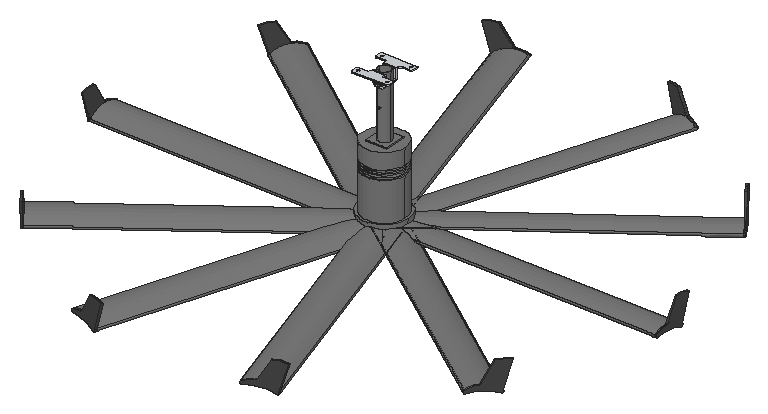
Revit family
Reference planes (in)
  plane 1 "Center (Front/Back)": y = 53
  plane 2: z = 0
  plane 3 "Center (Left/Right)": x = 54
Forms (in)
  Extrusion 1, solid, material "Metal - Chrome 2"
    sketch origin (54.03752, 52.94363, -78.64938) x (1, 0, 0) y (0, 1, 0)
      loop
        circle (0, 0) r 5
    from 50.92047 to 51.1388
  Extrusion 2, solid, material "Metal - Chrome 2"
    sketch origin (49.90986, 20.41483, -76.17615) x (-0.007506, -0.999972, 0) y (0, 0, 1)
      loop
        arc (-29.27109, 49.75227) -> (-29.04889, 49.89467) -> (-29.10156, 50.15328) r 0.23339
        arc (-29.10156, 50.15328) -> (-31.98284, 51.54192) -> (-35.12337, 50.93595) r 5.08611
        arc (-35.12337, 50.93595) -> (-35.22188, 50.63788) -> (-34.93368, 50.51341) r 0.23249
        arc (-34.93368, 50.51341) -> (-32.0514, 50.51215) -> (-29.27109, 49.75227) r 10.85332
    from -1.94118 to 49.86174
  Extrusion 3, solid, material "Metal - Chrome 3"
    sketch origin (50.3942, 53.11599, -76.17615) x (0, -1, 0) y (0, 0, 1)
      loop
        arc (-0.3092, 51.58434) -> (-1.59328, 51.41957) -> (-2.79418, 50.93595) r 5.08611
        arc (-2.79418, 50.93595) -> (-2.89269, 50.63788) -> (-2.60449, 50.51341) r 0.23249
        arc (-2.60449, 50.51341) -> (0.27779, 50.51215) -> (3.0581, 49.75227) r 10.85332
        arc (3.0581, 49.75227) -> (3.26634, 49.89548) -> (3.23488, 50.14624) r 0.24312
        line (3.23488, 50.14624) -> (4.75991, 55.21166) -> (3.38248, 55.49486) -> (2.02825, 55.47451) -> (-0.3092, 51.58434)
    from 50.05388 to 50.3942
  Extrusion 4, solid, material "Metal - Chrome 2"
    sketch origin (31.6119, 29.01297, -76.17615) x (-0.592633, -0.805473, 0) y (0, 0, 1)
      loop
        arc (-29.27109, 49.75227) -> (-29.04889, 49.89467) -> (-29.10156, 50.15328) r 0.23339
        arc (-29.10156, 50.15328) -> (-31.98284, 51.54192) -> (-35.12337, 50.93595) r 5.08611
        arc (-35.12337, 50.93595) -> (-35.22188, 50.63788) -> (-34.93368, 50.51341) r 0.23249
        arc (-34.93368, 50.51341) -> (-32.0514, 50.51215) -> (-29.27109, 49.75227) r 10.85332
    from -1.94118 to 49.86174
  Extrusion 5, solid, material "Metal - Chrome 3"
    sketch origin (51.1857, 55.21349, -76.17615) x (-0.58657, -0.809898, 0) y (0, 0, 1)
      loop
        arc (-0.3092, 51.58434) -> (-1.59328, 51.41957) -> (-2.79418, 50.93595) r 5.08611
        arc (-2.79418, 50.93595) -> (-2.89269, 50.63788) -> (-2.60449, 50.51341) r 0.23249
        arc (-2.60449, 50.51341) -> (0.27779, 50.51215) -> (3.0581, 49.75227) r 10.85332
        arc (3.0581, 49.75227) -> (3.26634, 49.89548) -> (3.23488, 50.14624) r 0.24312
        line (3.23488, 50.14624) -> (4.75991, 55.21166) -> (3.38248, 55.49486) -> (2.02825, 55.47451) -> (-0.3092, 51.58434)
    from 50.05388 to 50.3942
  Extrusion 6, solid, material "Metal - Chrome 2"
    sketch origin (21.83584, 46.70962, -76.17615) x (-0.952439, -0.304731, 0) y (0, 0, 1)
      loop
        arc (-29.27109, 49.75227) -> (-29.04889, 49.89467) -> (-29.10156, 50.15328) r 0.23339
        arc (-29.10156, 50.15328) -> (-31.98284, 51.54192) -> (-35.12337, 50.93595) r 5.08611
        arc (-35.12337, 50.93595) -> (-35.22188, 50.63788) -> (-34.93368, 50.51341) r 0.23249
        arc (-34.93368, 50.51341) -> (-32.0514, 50.51215) -> (-29.27109, 49.75227) r 10.85332
    from -1.94118 to 49.86174
  Extrusion 7, solid, material "Metal - Chrome 3"
    sketch origin (53.05706, 56.44798, -76.17615) x (-0.950124, -0.311871, 0) y (0, 0, 1)
      loop
        arc (-0.3092, 51.58434) -> (-1.59328, 51.41957) -> (-2.79418, 50.93595) r 5.08611
        arc (-2.79418, 50.93595) -> (-2.89269, 50.63788) -> (-2.60449, 50.51341) r 0.23249
        arc (-2.60449, 50.51341) -> (0.27779, 50.51215) -> (3.0581, 49.75227) r 10.85332
        arc (3.0581, 49.75227) -> (3.26634, 49.89548) -> (3.23488, 50.14624) r 0.24312
        line (3.23488, 50.14624) -> (4.75991, 55.21166) -> (3.38248, 55.49486) -> (2.02825, 55.47451) -> (-0.3092, 51.58434)
    from 50.05388 to 50.3942
  Extrusion 8, solid, material "Metal - Chrome 2"
    sketch origin (24.29854, 66.77646, -76.17615) x (-0.950124, 0.311871, 0) y (0, 0, 1)
      loop
        arc (-29.27109, 49.75227) -> (-29.04889, 49.89467) -> (-29.10156, 50.15328) r 0.23339
        arc (-29.10156, 50.15328) -> (-31.98284, 51.54192) -> (-35.12337, 50.93595) r 5.08611
        arc (-35.12337, 50.93595) -> (-35.22188, 50.63788) -> (-34.93368, 50.51341) r 0.23249
        arc (-34.93368, 50.51341) -> (-32.0514, 50.51215) -> (-29.27109, 49.75227) r 10.85332
    from -1.94118 to 49.86174
  Extrusion 9, solid, material "Metal - Chrome 3"
    sketch origin (55.29679, 56.3501, -76.17615) x (-0.952439, 0.304731, 0) y (0, 0, 1)
      loop
        arc (-0.3092, 51.58434) -> (-1.59328, 51.41957) -> (-2.79418, 50.93595) r 5.08611
        arc (-2.79418, 50.93595) -> (-2.89269, 50.63788) -> (-2.60449, 50.51341) r 0.23249
        arc (-2.60449, 50.51341) -> (0.27779, 50.51215) -> (3.0581, 49.75227) r 10.85332
        arc (3.0581, 49.75227) -> (3.26634, 49.89548) -> (3.23488, 50.14624) r 0.24312
        line (3.23488, 50.14624) -> (4.75991, 55.21166) -> (3.38248, 55.49486) -> (2.02825, 55.47451) -> (-0.3092, 51.58434)
    from 50.05388 to 50.3942
  Extrusion 10, solid, material "Metal - Chrome 2"
    sketch origin (38.06369, 81.58402, -76.17615) x (-0.58657, 0.809898, 0) y (0, 0, 1)
      loop
        arc (-29.27109, 49.75227) -> (-29.04889, 49.89467) -> (-29.10156, 50.15328) r 0.23339
        arc (-29.10156, 50.15328) -> (-31.98284, 51.54192) -> (-35.12337, 50.93595) r 5.08611
        arc (-35.12337, 50.93595) -> (-35.22188, 50.63788) -> (-34.93368, 50.51341) r 0.23249
        arc (-34.93368, 50.51341) -> (-32.0514, 50.51215) -> (-29.27109, 49.75227) r 10.85332
    from -1.94118 to 49.86174
  Extrusion 11, solid, material "Metal - Chrome 3"
    sketch origin (57.05333, 54.95708, -76.17615) x (-0.592633, 0.805473, 0) y (0, 0, 1)
      loop
        arc (-0.3092, 51.58434) -> (-1.59328, 51.41957) -> (-2.79418, 50.93595) r 5.08611
        arc (-2.79418, 50.93595) -> (-2.89269, 50.63788) -> (-2.60449, 50.51341) r 0.23249
        arc (-2.60449, 50.51341) -> (0.27779, 50.51215) -> (3.0581, 49.75227) r 10.85332
        arc (3.0581, 49.75227) -> (3.26634, 49.89548) -> (3.23488, 50.14624) r 0.24312
        line (3.23488, 50.14624) -> (4.75991, 55.21166) -> (3.38248, 55.49486) -> (2.02825, 55.47451) -> (-0.3092, 51.58434)
    from 50.05388 to 50.3942
  Extrusion 12, solid, material "Metal - Chrome 2"
    sketch origin (57.89773, 85.50241, -76.17615) x (0, 1, 0) y (0, 0, 1)
      loop
        arc (-29.27109, 49.75227) -> (-29.04889, 49.89467) -> (-29.10156, 50.15328) r 0.23339
        arc (-29.10156, 50.15328) -> (-31.98284, 51.54192) -> (-35.12337, 50.93595) r 5.08611
        arc (-35.12337, 50.93595) -> (-35.22188, 50.63788) -> (-34.93368, 50.51341) r 0.23249
        arc (-34.93368, 50.51341) -> (-32.0514, 50.51215) -> (-29.27109, 49.75227) r 10.85332
    from -1.94118 to 49.86174
  Extrusion 13, solid, material "Metal - Chrome 3"
    sketch origin (57.65885, 52.79853, -76.17615) x (-0.007506, 0.999972, 0) y (0, 0, 1)
      loop
        arc (-0.3092, 51.58434) -> (-1.59328, 51.41957) -> (-2.79418, 50.93595) r 5.08611
        arc (-2.79418, 50.93595) -> (-2.89269, 50.63788) -> (-2.60449, 50.51341) r 0.23249
        arc (-2.60449, 50.51341) -> (0.27779, 50.51215) -> (3.0581, 49.75227) r 10.85332
        arc (3.0581, 49.75227) -> (3.26634, 49.89548) -> (3.23488, 50.14624) r 0.24312
        line (3.23488, 50.14624) -> (4.75991, 55.21166) -> (3.38248, 55.49486) -> (2.02825, 55.47451) -> (-0.3092, 51.58434)
    from 50.05388 to 50.3942
  Extrusion 14, solid, material "Metal - Chrome 2"
    sketch origin (76.2597, 77.04185, -76.17615) x (0.58657, 0.809898, 0) y (0, 0, 1)
      loop
        arc (-29.27109, 49.75227) -> (-29.04889, 49.89467) -> (-29.10156, 50.15328) r 0.23339
        arc (-29.10156, 50.15328) -> (-31.98284, 51.54192) -> (-35.12337, 50.93595) r 5.08611
        arc (-35.12337, 50.93595) -> (-35.22188, 50.63788) -> (-34.93368, 50.51341) r 0.23249
        arc (-34.93368, 50.51341) -> (-32.0514, 50.51215) -> (-29.27109, 49.75227) r 10.85332
    from -1.94118 to 49.86174
  Extrusion 15, solid, material "Metal - Chrome 3"
    sketch origin (56.88311, 50.69515, -76.17615) x (0.580475, 0.814278, 0) y (0, 0, 1)
      loop
        arc (-0.3092, 51.58434) -> (-1.59328, 51.41957) -> (-2.79418, 50.93595) r 5.08611
        arc (-2.79418, 50.93595) -> (-2.89269, 50.63788) -> (-2.60449, 50.51341) r 0.23249
        arc (-2.60449, 50.51341) -> (0.27779, 50.51215) -> (3.0581, 49.75227) r 10.85332
        arc (3.0581, 49.75227) -> (3.26634, 49.89548) -> (3.23488, 50.14624) r 0.24312
        line (3.23488, 50.14624) -> (4.75991, 55.21166) -> (3.38248, 55.49486) -> (2.02825, 55.47451) -> (-0.3092, 51.58434)
    from 50.05388 to 50.3942
  Extrusion 16, solid, material "Metal - Chrome 2"
    sketch origin (86.16832, 59.41908, -76.17615) x (0.950124, 0.311871, 0) y (0, 0, 1)
      loop
        arc (-29.27109, 49.75227) -> (-29.04889, 49.89467) -> (-29.10156, 50.15328) r 0.23339
        arc (-29.10156, 50.15328) -> (-31.98284, 51.54192) -> (-35.12337, 50.93595) r 5.08611
        arc (-35.12337, 50.93595) -> (-35.22188, 50.63788) -> (-34.93368, 50.51341) r 0.23249
        arc (-34.93368, 50.51341) -> (-32.0514, 50.51215) -> (-29.27109, 49.75227) r 10.85332
    from -1.94118 to 49.86174
  Extrusion 17, solid, material "Metal - Chrome 3"
    sketch origin (55.02107, 49.44665, -76.17615) x (0.947757, 0.318994, 0) y (0, 0, 1)
      loop
        arc (-0.3092, 51.58434) -> (-1.59328, 51.41957) -> (-2.79418, 50.93595) r 5.08611
        arc (-2.79418, 50.93595) -> (-2.89269, 50.63788) -> (-2.60449, 50.51341) r 0.23249
        arc (-2.60449, 50.51341) -> (0.27779, 50.51215) -> (3.0581, 49.75227) r 10.85332
        arc (3.0581, 49.75227) -> (3.26634, 49.89548) -> (3.23488, 50.14624) r 0.24312
        line (3.23488, 50.14624) -> (4.75991, 55.21166) -> (3.38248, 55.49486) -> (2.02825, 55.47451) -> (-0.3092, 51.58434)
    from 50.05388 to 50.3942
  Extrusion 18, solid, material "Metal - Chrome 2"
    sketch origin (83.85631, 39.33432, -76.17615) x (0.952439, -0.304731, 0) y (0, 0, 1)
      loop
        arc (-29.27109, 49.75227) -> (-29.04889, 49.89467) -> (-29.10156, 50.15328) r 0.23339
        arc (-29.10156, 50.15328) -> (-31.98284, 51.54192) -> (-35.12337, 50.93595) r 5.08611
        arc (-35.12337, 50.93595) -> (-35.22188, 50.63788) -> (-34.93368, 50.51341) r 0.23249
        arc (-34.93368, 50.51341) -> (-32.0514, 50.51215) -> (-29.27109, 49.75227) r 10.85332
    from -1.94118 to 49.86174
  Extrusion 19, solid, material "Metal - Chrome 3"
    sketch origin (52.78067, 49.52771, -76.17615) x (0.954699, -0.297573, 0) y (0, 0, 1)
      loop
        arc (-0.3092, 51.58434) -> (-1.59328, 51.41957) -> (-2.79418, 50.93595) r 5.08611
        arc (-2.79418, 50.93595) -> (-2.89269, 50.63788) -> (-2.60449, 50.51341) r 0.23249
        arc (-2.60449, 50.51341) -> (0.27779, 50.51215) -> (3.0581, 49.75227) r 10.85332
        arc (3.0581, 49.75227) -> (3.26634, 49.89548) -> (3.23488, 50.14624) r 0.24312
        line (3.23488, 50.14624) -> (4.75991, 55.21166) -> (3.38248, 55.49486) -> (2.02825, 55.47451) -> (-0.3092, 51.58434)
    from 50.05388 to 50.3942
  Extrusion 20, solid, material "Metal - Chrome 2"
    sketch origin (70.20269, 24.42386, -76.17615) x (0.592633, -0.805473, 0) y (0, 0, 1)
      loop
        arc (-29.27109, 49.75227) -> (-29.04889, 49.89467) -> (-29.10156, 50.15328) r 0.23339
        arc (-29.10156, 50.15328) -> (-31.98284, 51.54192) -> (-35.12337, 50.93595) r 5.08611
        arc (-35.12337, 50.93595) -> (-35.22188, 50.63788) -> (-34.93368, 50.51341) r 0.23249
        arc (-34.93368, 50.51341) -> (-32.0514, 50.51215) -> (-29.27109, 49.75227) r 10.85332
    from -1.94118 to 49.86174
  Extrusion 21, solid, material "Metal - Chrome 3"
    sketch origin (51.01372, 50.90752, -76.17615) x (0.598662, -0.801002, 0) y (0, 0, 1)
      loop
        arc (-0.3092, 51.58434) -> (-1.59328, 51.41957) -> (-2.79418, 50.93595) r 5.08611
        arc (-2.79418, 50.93595) -> (-2.89269, 50.63788) -> (-2.60449, 50.51341) r 0.23249
        arc (-2.60449, 50.51341) -> (0.27779, 50.51215) -> (3.0581, 49.75227) r 10.85332
        arc (3.0581, 49.75227) -> (3.26634, 49.89548) -> (3.23488, 50.14624) r 0.24312
        line (3.23488, 50.14624) -> (4.75991, 55.21166) -> (3.38248, 55.49486) -> (2.02825, 55.47451) -> (-0.3092, 51.58434)
    from 50.05388 to 50.3942
  Extrusion 22, solid, material "Metal - Chrome 2"
    sketch origin (54.03752, 52.94363, -76.92047) x (1, 0, 0) y (0, 1, 0)
      loop
        circle (0, 0) r 4.5
    from 50.49659 to 52.92047
  Extrusion 23, solid, material "Metal - Chrome 2"
    sketch origin (54.03752, 52.94363, -74.49659) x (1, 0, 0) y (0, 1, 0)
      loop
        circle (0, 0) r 4
    from 50.49659 to 57.75621
  Extrusion 24, solid, material "Metal - Chrome 2"
    sketch origin (54.03752, 52.94363, -65.24659) x (1, 0, 0) y (0, 1, 0)
      loop
        circle (0, 0) r 4
    from 50.33806 to 53.24659
  Extrusion 25, solid, material "Metal - Chrome 2"
    sketch origin (54.03752, 52.94363, -66.91065) x (1, 0, 0) y (0, 1, 0)
      loop
        circle (0, 0) r 4
    from 51.5429 to 51.74659
  Extrusion 26, solid, material "Metal - Chrome 2"
    sketch origin (54.03752, 52.94363, -67.42828) x (1, 0, 0) y (0, 1, 0)
      loop
        circle (0, 0) r 4
    from 51.5429 to 51.74659
  Extrusion 27, solid, material "Metal - Chrome 2"
    sketch origin (54.03752, 52.94363, -68.05614) x (1, 0, 0) y (0, 1, 0)
      loop
        circle (0, 0) r 4
    from 51.5429 to 51.74659
  Extrusion 28, solid, material "Metal - Chrome 2"
    sketch origin (54.03752, 52.94363, -78.17555) x (1, 0, 0) y (0, 1, 0)
      loop
        circle (0, 0) r 5
    from 50.92047 to 51.1388
  Extrusion 29, solid, material "Metal - Chrome 2"
    sketch origin (54.03752, 52.94363, -77.67047) x (1, 0, 0) y (0, 1, 0)
      loop
        circle (0, 0) r 5
    from 50.92047 to 51.1388
  Extrusion 30, solid, material "Metal - Chrome 2", not visible
    sketch origin (49.90986, 20.41483, 2.47323) x (-0.007506, -0.999972, 0) y (0, 0, 1)
      loop
        arc (-29.27109, 49.75227) -> (-29.04889, 49.89467) -> (-29.10156, 50.15328) r 0.23339
        arc (-29.10156, 50.15328) -> (-31.98284, 51.54192) -> (-35.12337, 50.93595) r 5.08611
        arc (-35.12337, 50.93595) -> (-35.22188, 50.63788) -> (-34.93368, 50.51341) r 0.23249
        arc (-34.93368, 50.51341) -> (-32.0514, 50.51215) -> (-29.27109, 49.75227) r 10.85332
    from -1.94118 to 49.86174
  Extrusion 31, solid, material "Metal - Chrome 3", not visible
    sketch origin (50.3942, 53.11599, 2.47323) x (0, -1, 0) y (0, 0, 1)
      loop
        arc (-0.3092, 51.58434) -> (-1.59328, 51.41957) -> (-2.79418, 50.93595) r 5.08611
        arc (-2.79418, 50.93595) -> (-2.89269, 50.63788) -> (-2.60449, 50.51341) r 0.23249
        arc (-2.60449, 50.51341) -> (0.27779, 50.51215) -> (3.0581, 49.75227) r 10.85332
        arc (3.0581, 49.75227) -> (3.26634, 49.89548) -> (3.23488, 50.14624) r 0.24312
        line (3.23488, 50.14624) -> (4.75991, 55.21166) -> (3.38248, 55.49486) -> (2.02825, 55.47451) -> (-0.3092, 51.58434)
    from 50.05388 to 50.3942
  Extrusion 32, solid, material "Metal - Chrome"
    sketch origin (54.03752, 52.98706, -76.30115) x (1, 0, 0) y (0, 1, 0)
      loop
        circle (0, 0) r 1.20357
      loop
        circle (0, 0) r 1.09061
    from 64.30115 to 76.31051
  Extrusion 33, solid, material "Metal - Chrome"
    sketch origin (29.8839, 60.17667, -88.09141) x (1, 0, 0) y (0, 1, 0)
      loop
        line (22.15322, -5.18961) -> (22.15322, -9.18961) -> (26.15322, -9.18961) -> (26.15322, -5.18961) -> (22.15322, -5.18961)
    from 76.13088 to 76.30115
  Extrusion 34, solid, material "Metal - Chrome"
    sketch origin (54.03908, 53.00884, -90.91954) x (1, 0, 0) y (0, 0, 1)
      loop
        circle (0, 89.91168) r 0.25
    from -1.42832 to 1.40559
  Extrusion 35, solid, material "Metal - Chrome"
    sketch origin (54.07018, 53.00884, -92.03835) x (1, 0, 0) y (0, 0, 1)
      loop
        circle (-0.00534, 89.94336) r 0.20777
    from -1.42832 to 1.40559
  Extrusion 36, solid, material "Metal - Chrome"
    sketch origin (54.07018, 53.00884, -95.91168) x (1, 0, 0) y (0, 0, 1)
      loop
        circle (0, 89.91168) r 0.12543
    from -1.42832 to 1.40559
  Extrusion 37, solid
    sketch origin (64.19678, 50.18286, -0.11955) x (1, 0, 0) y (0, 1, 0)
      loop
        line (-13.66711, 6.19604) -> (-13.66711, 5.19604)
        arc (-13.66711, 5.19604) -> (-13.59389, 5.01927) -> (-13.41711, 4.94604) r 0.25
        line (-13.41711, 4.94604) -> (-11.87711, 4.94604)
        arc (-11.87711, 4.94604) -> (-11.52356, 4.7996) -> (-11.37711, 4.44604) r 0.5
        line (-11.37711, 4.44604) -> (-11.37711, 4.13604) -> (-8.95711, 4.13604) -> (-8.95711, 4.44604)
        arc (-8.95711, 4.44604) -> (-8.81067, 4.7996) -> (-8.45711, 4.94604) r 0.5
        line (-8.45711, 4.94604) -> (-6.91711, 4.94604)
        arc (-6.91711, 4.94604) -> (-6.74034, 5.01927) -> (-6.66711, 5.19604) r 0.25
        line (-6.66711, 5.19604) -> (-6.66711, 6.19604)
        arc (-6.66711, 6.19604) -> (-6.74034, 6.37282) -> (-6.91711, 6.44604) r 0.25
        line (-6.91711, 6.44604) -> (-13.41711, 6.44604)
        arc (-13.41711, 6.44604) -> (-13.59389, 6.37282) -> (-13.66711, 6.19604) r 0.25
      loop
        circle (-12.91711, 5.69604) r 0.22
      loop
        circle (-7.41711, 5.69604) r 0.22
    from 0 to 0.12891
  Extrusion 38, solid
    sketch origin (64.74713, 54.31891, -1.64679) x (1, 0, 0) y (0, 0, 1)
      loop
        line (-11.92746, 1.65615) -> (-11.92746, -0.37927)
        arc (-11.92746, -0.37927) -> (-10.71746, -0.99276) -> (-9.50746, -0.37927) r 1.5
        line (-9.50746, -0.37927) -> (-9.50746, 1.65615) -> (-11.92746, 1.65615)
      loop
        circle (-10.71746, 0.63615) r 0.25
      loop
        arc (-11.33618, 0.01743) -> (-11.63265, 0.03326) -> (-11.67997, -0.25985) r 0.2221
        arc (-11.67997, -0.25985) -> (-10.71746, -0.67885) -> (-9.75495, -0.25985) r 1.315
        arc (-9.75495, -0.25985) -> (-9.80226, 0.03326) -> (-10.09874, 0.01743) r 0.2221
        arc (-10.09874, 0.01743) -> (-10.71746, -0.23885) -> (-11.33618, 0.01743) r 0.875
    from 0 to 0.12891
  Extrusion 39, solid
    sketch origin (64.19678, 55.81714, -0.11955) x (1, 0, 0) y (0, 1, 0)
      loop
        arc (-13.66711, -6.19604) -> (-13.59389, -6.37282) -> (-13.41711, -6.44604) r 0.25
        line (-13.41711, -6.44604) -> (-6.91711, -6.44604)
        arc (-6.91711, -6.44604) -> (-6.74034, -6.37282) -> (-6.66711, -6.19604) r 0.25
        line (-6.66711, -6.19604) -> (-6.66711, -5.19604)
        arc (-6.66711, -5.19604) -> (-6.74034, -5.01927) -> (-6.91711, -4.94604) r 0.25
        line (-6.91711, -4.94604) -> (-8.45711, -4.94604)
        arc (-8.45711, -4.94604) -> (-8.81067, -4.7996) -> (-8.95711, -4.44604) r 0.5
        line (-8.95711, -4.44604) -> (-8.95711, -4.13604) -> (-11.37711, -4.13604) -> (-11.37711, -4.44604)
        arc (-11.37711, -4.44604) -> (-11.52356, -4.7996) -> (-11.87711, -4.94604) r 0.5
        line (-11.87711, -4.94604) -> (-13.41711, -4.94604)
        arc (-13.41711, -4.94604) -> (-13.59389, -5.01927) -> (-13.66711, -5.19604) r 0.25
        line (-13.66711, -5.19604) -> (-13.66711, -6.19604)
      loop
        circle (-12.91711, -5.69604) r 0.22
      loop
        circle (-7.41711, -5.69604) r 0.22
    from 0 to 0.12891
  Extrusion 40, solid
    sketch origin (64.74713, 51.68109, -1.64679) x (1, 0, 0) y (0, 0, -1)
      loop
        line (-11.92746, -1.65615) -> (-9.50746, -1.65615) -> (-9.50746, 0.37927)
        arc (-9.50746, 0.37927) -> (-10.71746, 0.99276) -> (-11.92746, 0.37927) r 1.5
        line (-11.92746, 0.37927) -> (-11.92746, -1.65615)
      loop
        circle (-10.71746, -0.63615) r 0.25
      loop
        arc (-11.33618, -0.01743) -> (-10.71746, 0.23885) -> (-10.09874, -0.01743) r 0.875
        arc (-10.09874, -0.01743) -> (-9.80226, -0.03326) -> (-9.75495, 0.25985) r 0.2221
        arc (-9.75495, 0.25985) -> (-10.71746, 0.67885) -> (-11.67997, 0.25985) r 1.315
        arc (-11.67997, 0.25985) -> (-11.63265, -0.03326) -> (-11.33618, -0.01743) r 0.2221
    from 0 to 0.12891
  Extrusion 41, solid, not visible
    sketch origin (0, 55.86567, -0.12891) x (1, 0, 0) y (0, 1, 0)
      loop
        line (-13.66711, 6.19604) -> (-13.66711, 5.19604)
        arc (-13.66711, 5.19604) -> (-13.59389, 5.01927) -> (-13.41711, 4.94604) r 0.25
        line (-13.41711, 4.94604) -> (-11.87711, 4.94604)
        arc (-11.87711, 4.94604) -> (-11.52356, 4.7996) -> (-11.37711, 4.44604) r 0.5
        line (-11.37711, 4.44604) -> (-11.37711, 4.13604) -> (-8.95711, 4.13604) -> (-8.95711, 4.44604)
        arc (-8.95711, 4.44604) -> (-8.81067, 4.7996) -> (-8.45711, 4.94604) r 0.5
        line (-8.45711, 4.94604) -> (-6.91711, 4.94604)
        arc (-6.91711, 4.94604) -> (-6.74034, 5.01927) -> (-6.66711, 5.19604) r 0.25
        line (-6.66711, 5.19604) -> (-6.66711, 6.19604)
        arc (-6.66711, 6.19604) -> (-6.74034, 6.37282) -> (-6.91711, 6.44604) r 0.25
        line (-6.91711, 6.44604) -> (-13.41711, 6.44604)
        arc (-13.41711, 6.44604) -> (-13.59389, 6.37282) -> (-13.66711, 6.19604) r 0.25
      loop
        circle (-12.91711, 5.69604) r 0.22
      loop
        circle (-7.41711, 5.69604) r 0.22
    from 0 to 0.12891
  Extrusion 42, solid, not visible
    sketch origin (0.55034, 60.00172, -1.65615) x (1, 0, 0) y (0, 0, 1)
      loop
        line (-11.92746, 1.65615) -> (-11.92746, -0.37927)
        arc (-11.92746, -0.37927) -> (-10.71746, -0.99276) -> (-9.50746, -0.37927) r 1.5
        line (-9.50746, -0.37927) -> (-9.50746, 1.65615) -> (-11.92746, 1.65615)
      loop
        circle (-10.71746, 0.63615) r 0.25
      loop
        arc (-11.33618, 0.01743) -> (-11.63265, 0.03326) -> (-11.67997, -0.25985) r 0.2221
        arc (-11.67997, -0.25985) -> (-10.71746, -0.67885) -> (-9.75495, -0.25985) r 1.315
        arc (-9.75495, -0.25985) -> (-9.80226, 0.03326) -> (-10.09874, 0.01743) r 0.2221
        arc (-10.09874, 0.01743) -> (-10.71746, -0.23885) -> (-11.33618, 0.01743) r 0.875
    from 0 to 0.12891
  Extrusion 43, solid, not visible
    sketch origin (0, 61.49995, -0.12891) x (1, 0, 0) y (0, 1, 0)
      loop
        arc (-13.66711, -6.19604) -> (-13.59389, -6.37282) -> (-13.41711, -6.44604) r 0.25
        line (-13.41711, -6.44604) -> (-6.91711, -6.44604)
        arc (-6.91711, -6.44604) -> (-6.74034, -6.37282) -> (-6.66711, -6.19604) r 0.25
        line (-6.66711, -6.19604) -> (-6.66711, -5.19604)
        arc (-6.66711, -5.19604) -> (-6.74034, -5.01927) -> (-6.91711, -4.94604) r 0.25
        line (-6.91711, -4.94604) -> (-8.45711, -4.94604)
        arc (-8.45711, -4.94604) -> (-8.81067, -4.7996) -> (-8.95711, -4.44604) r 0.5
        line (-8.95711, -4.44604) -> (-8.95711, -4.13604) -> (-11.37711, -4.13604) -> (-11.37711, -4.44604)
        arc (-11.37711, -4.44604) -> (-11.52356, -4.7996) -> (-11.87711, -4.94604) r 0.5
        line (-11.87711, -4.94604) -> (-13.41711, -4.94604)
        arc (-13.41711, -4.94604) -> (-13.59389, -5.01927) -> (-13.66711, -5.19604) r 0.25
        line (-13.66711, -5.19604) -> (-13.66711, -6.19604)
      loop
        circle (-12.91711, -5.69604) r 0.22
      loop
        circle (-7.41711, -5.69604) r 0.22
    from 0 to 0.12891
  Extrusion 44, solid, not visible
    sketch origin (0.55034, 57.36391, -1.65615) x (1, 0, 0) y (0, 0, -1)
      loop
        line (-11.92746, -1.65615) -> (-9.50746, -1.65615) -> (-9.50746, 0.37927)
        arc (-9.50746, 0.37927) -> (-10.71746, 0.99276) -> (-11.92746, 0.37927) r 1.5
        line (-11.92746, 0.37927) -> (-11.92746, -1.65615)
      loop
        circle (-10.71746, -0.63615) r 0.25
      loop
        arc (-11.33618, -0.01743) -> (-10.71746, 0.23885) -> (-10.09874, -0.01743) r 0.875
        arc (-10.09874, -0.01743) -> (-9.80226, -0.03326) -> (-9.75495, 0.25985) r 0.2221
        arc (-9.75495, 0.25985) -> (-10.71746, 0.67885) -> (-11.67997, 0.25985) r 1.315
        arc (-11.67997, 0.25985) -> (-11.63265, -0.03326) -> (-11.33618, -0.01743) r 0.2221
    from 0 to 0.12891
Dimensions and locks (in)
  aligned and locked: plane 2 to level
Connectors (in)
  electrical at (54.03752, 52.98706, 0.00936)
    settings: on Extrusion 32, index 1, voltage 0 V, apparent load 0 VA, apparent load phase1 0 VA, apparent load phase2 0 VA, apparent load phase3 0 VA, power factor 1, load classification "Other", number of poles 1, system type 31, power factor state 1, is connector primary yes, connector utility no, sub classification motor no, connector description ""
